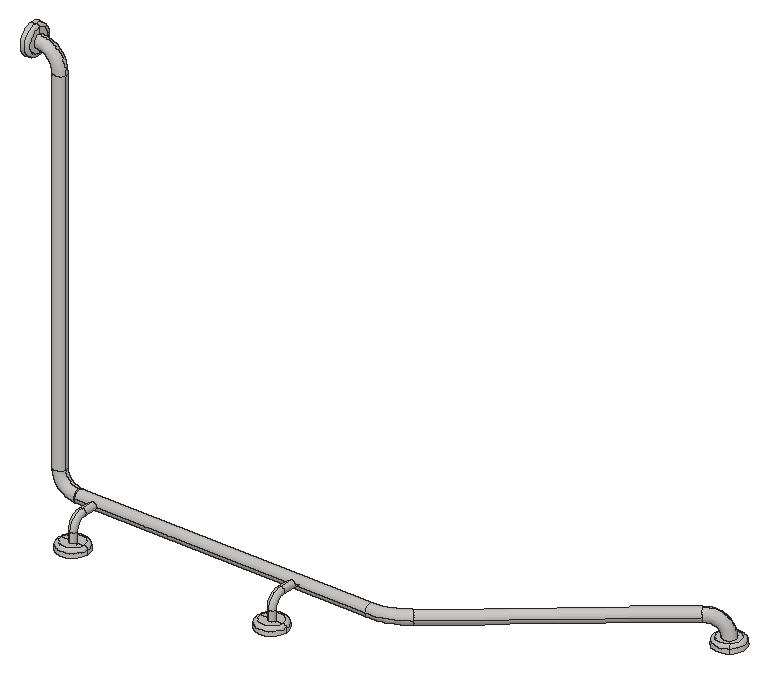
Revit family "8471975440 Virtu Comfort Grab Rail Continuous 1110x940x700mm LH", category Plumbing Fixtures, host Face, Revit 2015
Parameters (values of type "Virtu Comfort Grab Rail Continuous 1110x940x700mm LH")
  Waste Connection = no
  Vent Connection = no
  URL = "https://www.caroma.com.au/"
  Rail_Height = 73 mm
  Model = "8471975440"
  Material_Base = GWA_Metal-Stainless
  Manufacturer = "GWA Bathrooms & Kitchens"  # constant formula
  HW Connection = no
  Description = "Virtu Comfort Grab Rail Continuous 1110x940x700mm LH"
  Default Elevation = 0 mm
  CreatedBy_ANZRS = "GWA Bathrooms & Kitchens"  # constant formula
  CW Connection = no
  Assembly Code = "C1030200"
Reference planes
  plane 1 "Center (Front/Back)": y = 0
  plane 2: z = 0
  plane 3 "Center (Left/Right)": x = 0
  plane 4 "Left": x = 0
  plane 5 "Rail_Centre": z = 73
  plane 6: through (644.056, 321.45, 1219.2) normal (-0.766, -0.6428, 0)
  plane 7: x = -245
  plane 8: x = -940
  plane 9: x = -769
  plane 10: z = 1110
Forms (mm)
  Revolve 1, solid, material "GWA_Metal-Stainless" <- "Material_Base"
    sketch origin (536.231, 449.951, 0) x (-0.642788, 0.766044, 0) y (0, 0, -1)
      loop
        line (17, -16.9) -> (17, -18) -> (29.753, -18)
        arc (29.753, -18) -> (35.44, -15.817) -> (38.206, -10.39) r 8.5
        line (38.206, -10.39) -> (39.3, 0) -> (38.194, 0) -> (37.112, -10.275)
        arc (37.112, -10.275) -> (34.704, -15) -> (29.753, -16.9) r 7.4
        line (29.753, -16.9) -> (17, -16.9)
      axis (0, -18) -> (0, 0)
    angle from 0 to 360
  Sweep 2, solid, material "GWA_Metal-Stainless" <- "Material_Base"
    path origin (-612.836, -514.23, 0) x (-0.766044, -0.642788, 0) y (0, 0, -1)
      loop
        line (-1500, 0) -> (-1500, -17)
        arc (-1500, -17) -> (-1483.598, -56.598) -> (-1444, -73) r 56
    profile origin (536.231, 449.951, 8.5) x (-0.766044, -0.642788, 0) y (0.642788, -0.766044, 0)
      loop
        circle (0, 0) r 16
  Revolve 3, solid, material "GWA_Metal-Stainless" <- "Material_Base"
    sketch origin (-300, -80, 0) x (-1, 0, 0) y (0, 0, -1)
      loop
        line (-55, -16.9) -> (-84.753, -16.9)
        arc (-84.753, -16.9) -> (-89.704, -15) -> (-92.112, -10.275) r 7.4
        line (-92.112, -10.275) -> (-93.194, 0) -> (-94.3, 0) -> (-93.206, -10.39)
        arc (-93.206, -10.39) -> (-90.44, -15.817) -> (-84.753, -18) r 8.5
        line (-84.753, -18) -> (-55, -18) -> (-55, -16.9)
      axis (-55, -18) -> (-55, 0)
    angle from 0 to 360
  Sweep 4, solid, material "GWA_Metal-Stainless" <- "Material_Base"
    path origin (-245, 0, 0) x (0, 1, 0) y (0, 0, 1)
      loop
        line (-80, 0) -> (-80, 43)
        arc (-80, 43) -> (-71.213, 64.213) -> (-50, 73) r 30
        line (-50, 73) -> (0, 73)
    profile origin (-245, -80, 21.5) x (0, 1, 0) y (-1, 0, 0)
      loop
        circle (0, 0) r 9
  Revolve 5, solid, material "GWA_Metal-Stainless" <- "Material_Base"
    sketch origin (-940, 0, 1050) x (0, 0, -1) y (1, 0, 0)
      loop
        line (-43, 16.9) -> (-30.247, 16.9)
        arc (-30.247, 16.9) -> (-25.296, 15) -> (-22.888, 10.275) r 7.4
        line (-22.888, 10.275) -> (-21.806, 0) -> (-20.7, 0) -> (-21.794, 10.39)
        arc (-21.794, 10.39) -> (-24.56, 15.817) -> (-30.247, 18) r 8.5
        line (-30.247, 18) -> (-43, 18) -> (-43, 16.9)
      axis (-60, 18) -> (-60, 0)
    angle from 0 to 360
  Sweep 6, solid, material "GWA_Metal-Stainless" <- "Material_Base"
    path origin (-940, 0, 170) x (0, 0, -1) y (1, 0, 0)
      loop
        line (-940, 0) -> (-940, 17)
        arc (-940, 17) -> (-923.598, 56.598) -> (-884, 73) r 56
    profile origin (-931.5, 0, 1110) x (0, 0, 1) y (0, -1, 0)
      loop
        circle (0, 0) r 16
  Sweep 7, solid, material "GWA_Metal-Stainless" <- "Material_Base"
    path origin (0, 0, 73) x (1, 0, 0) y (0, 1, 0)
      loop
        line (-817, 0) -> (-49.864, 0)
        arc (-49.864, 0) -> (-3.007, 8.262) -> (38.198, 32.052) r 137
        line (38.198, 32.052) -> (493.333, 413.955)
    profile origin (265.765, 223.004, 73) x (-0.642788, 0.766044, 0) y (0, 0, 1)
      loop
        circle (0, 0) r 16
  Sweep 8, solid, material "GWA_Metal-Stainless" <- "Material_Base"
    path origin (73, 0, 0) x (-1, 0, 0) y (0, 0, -1)
      loop
        arc (890, -73) -> (925.355, -87.645) -> (940, -123) r 50
    profile origin (-852.355, 0, 87.645) x (-0.707107, 0, -0.707107) y (0, -1, 0)
      loop
        circle (0, 0) r 16
  Extrusion 9, solid, material "GWA_Metal-Stainless" <- "Material_Base"
    sketch origin (73, 0, 0) x (-1, 0, 0) y (0, -1, 0)
      loop
        circle (940, 0) r 16
    from 123 to 1054
  Revolve 10, solid, material "GWA_Metal-Stainless" <- "Material_Base"
    sketch origin (-755, -80, 0) x (-1, 0, 0) y (0, 0, -1)
      loop
        line (14, -16.9) -> (-15.753, -16.9)
        arc (-15.753, -16.9) -> (-20.704, -15) -> (-23.112, -10.275) r 7.4
        line (-23.112, -10.275) -> (-24.194, 0) -> (-25.3, 0) -> (-24.206, -10.39)
        arc (-24.206, -10.39) -> (-21.44, -15.817) -> (-15.753, -18) r 8.5
        line (-15.753, -18) -> (14, -18) -> (14, -16.9)
      axis (14, -18) -> (14, 0)
    angle from 0 to 360
  Sweep 11, solid, material "GWA_Metal-Stainless" <- "Material_Base"
    path origin (-769, 0, 0) x (0, 1, 0) y (0, 0, 1)
      loop
        line (-80, 0) -> (-80, 43)
        arc (-80, 43) -> (-71.213, 64.213) -> (-50, 73) r 30
        line (-50, 73) -> (0, 73)
    profile origin (-769, -80, 21.5) x (0, 1, 0) y (-1, 0, 0)
      loop
        circle (0, 0) r 9
Lines and regions (mm)
  Masking region 1
    outline origin (0, 0, 0) x (0, 1, 0) y (0, 0, 1)
      loop
        line (16, 89) -> (16, 1074.104)
        arc (16, 1074.104) -> (0, 1149.3) -> (-16, 1074.104) r 39.3
        line (-16, 1074.104) -> (-16, 82) -> (-50, 82)
        arc (-50, 82) -> (-77.577, 70.577) -> (-89, 43) r 39
        line (-89, 43) -> (-89, 18) -> (-109.755, 18)
        arc (-109.755, 18) -> (-115.442, 15.817) -> (-118.208, 10.388) r 8.5
        line (-118.208, 10.388) -> (-119.3, 0) -> (-40.7, 0) -> (-41.792, 10.388)
        arc (-41.792, 10.388) -> (-44.558, 15.817) -> (-50.245, 18) r 8.5
        line (-50.245, 18) -> (-71, 18) -> (-71, 43)
        arc (-71, 43) -> (-64.849, 57.849) -> (-50, 64) r 21
        line (-50, 64) -> (-13.229, 64)
        arc (-13.229, 64) -> (-7.483, 58.858) -> (0, 57) r 16
        line (0, 57) -> (413.955, 57)
        arc (413.955, 57) -> (416.689, 56.461) -> (419.18, 55.212) r 10.348
        arc (419.18, 55.212) -> (422.237, 52.684) -> (424.785, 49.643) r 21.791
        arc (424.785, 49.643) -> (427.708, 44.83) -> (430.029, 39.7) r 46.537
        arc (430.029, 39.7) -> (431.356, 35.765) -> (432.376, 31.74) r 53.629
        arc (432.376, 31.74) -> (433.169, 27.367) -> (433.701, 22.956) r 74.565
        arc (433.701, 22.956) -> (433.872, 20.48) -> (433.94, 18) r 59.171
        line (433.94, 18) -> (420.197, 18)
        arc (420.197, 18) -> (414.509, 15.817) -> (411.743, 10.388) r 8.5
        line (411.743, 10.388) -> (410.651, 0) -> (489.251, 0) -> (488.159, 10.388)
        arc (488.159, 10.388) -> (485.394, 15.817) -> (479.706, 18) r 8.5
        line (479.706, 18) -> (465.943, 18)
        arc (465.943, 18) -> (465.446, 27.079) -> (464.152, 36.079) r 103.181
        arc (464.152, 36.079) -> (462.719, 42.395) -> (460.834, 48.592) r 89.675
        arc (460.834, 48.592) -> (457.524, 56.744) -> (453.35, 64.489) r 81.007
        arc (453.35, 64.489) -> (446.806, 73.222) -> (438.741, 80.574) r 57.957
        arc (438.741, 80.574) -> (427.022, 86.77) -> (413.955, 89) r 41.961
        line (413.955, 89) -> (16, 89)
  Masking region 2
    outline origin (0, 0, 73) x (1, 0, 0) y (0, 1, 0)
      loop
        line (498.449, 439.135) -> (27.913, 44.309)
        arc (27.913, 44.309) -> (-8.479, 23.297) -> (-49.864, 16) r 121
        line (-49.864, 16) -> (-922, 16) -> (-922, 29.755)
        arc (-922, 29.755) -> (-924.183, 35.442) -> (-929.612, 38.208) r 8.5
        line (-929.612, 38.208) -> (-940, 39.3) -> (-940, -39.3) -> (-929.612, -38.208)
        arc (-929.612, -38.208) -> (-924.183, -35.442) -> (-922, -29.755) r 8.5
        line (-922, -29.755) -> (-922, -16) -> (-778, -16) -> (-778, -41.744)
        arc (-778, -41.744) -> (-769, -119.3) -> (-760, -41.744) r 39.3
        line (-760, -41.744) -> (-760, -16) -> (-254, -16) -> (-254, -41.744)
        arc (-254, -41.744) -> (-245, -119.3) -> (-236, -41.744) r 39.3
        line (-236, -41.744) -> (-236, -16) -> (-49.864, -16)
        arc (-49.864, -16) -> (2.465, -6.773) -> (48.483, 19.795) r 153
        line (48.483, 19.795) -> (519.018, 414.621)
        arc (519.018, 414.621) -> (566.337, 475.213) -> (498.449, 439.135) r 39.3
  Masking region 3
    outline origin (0, 0, 0) x (-1, 0, 0) y (0, 0, 1)
      loop
        line (-493.333, 57) -> (236, 57) -> (236, 18) -> (215.245, 18)
        arc (215.245, 18) -> (209.558, 15.817) -> (206.792, 10.388) r 8.5
        line (206.792, 10.388) -> (205.7, 0) -> (284.3, 0) -> (283.208, 10.388)
        arc (283.208, 10.388) -> (280.442, 15.817) -> (274.755, 18) r 8.5
        line (274.755, 18) -> (254, 18) -> (254, 57) -> (760, 57) -> (760, 18) -> (739.245, 18)
        arc (739.245, 18) -> (733.558, 15.817) -> (730.792, 10.388) r 8.5
        line (730.792, 10.388) -> (729.7, 0) -> (808.3, 0) -> (807.208, 10.388)
        arc (807.208, 10.388) -> (804.442, 15.817) -> (798.755, 18) r 8.5
        line (798.755, 18) -> (778, 18) -> (778, 57) -> (817, 57)
        arc (817, 57) -> (863.669, 76.331) -> (883, 123) r 66
        line (883, 123) -> (883, 1054)
        arc (883, 1054) -> (894.364, 1081.928) -> (922, 1093.987) r 40
        line (922, 1093.987) -> (922, 1080.245)
        arc (922, 1080.245) -> (924.183, 1074.558) -> (929.612, 1071.792) r 8.5
        line (929.612, 1071.792) -> (940, 1070.7) -> (940, 1149.3) -> (929.612, 1148.208)
        arc (929.612, 1148.208) -> (924.183, 1145.442) -> (922, 1139.755) r 8.5
        line (922, 1139.755) -> (922, 1125.993)
        arc (922, 1125.993) -> (871.736, 1104.557) -> (851, 1054) r 72
        line (851, 1054) -> (851, 123)
        arc (851, 123) -> (841.042, 98.958) -> (817, 89) r 34
        line (817, 89) -> (-493.542, 89)
        arc (-493.542, 89) -> (-501.401, 88.33) -> (-509.054, 86.422) r 49.532
        arc (-509.054, 86.422) -> (-517.271, 82.87) -> (-524.78, 77.995) r 53.411
        arc (-524.78, 77.995) -> (-533.327, 70.023) -> (-540.291, 60.638) r 64.381
        arc (-540.291, 60.638) -> (-544.671, 52.414) -> (-548.066, 43.737) r 80.139
        arc (-548.066, 43.737) -> (-550.202, 35.897) -> (-551.562, 27.885) r 83.133
        arc (-551.562, 27.885) -> (-552.025, 22.951) -> (-552.231, 18) r 95.84
        line (-552.231, 18) -> (-565.986, 18)
        arc (-565.986, 18) -> (-571.673, 15.817) -> (-574.439, 10.388) r 8.5
        line (-574.439, 10.388) -> (-575.531, 0) -> (-496.931, 0) -> (-498.023, 10.388)
        arc (-498.023, 10.388) -> (-500.789, 15.817) -> (-506.476, 18) r 8.5
        line (-506.476, 18) -> (-520.231, 18)
        arc (-520.231, 18) -> (-519.922, 22.931) -> (-519.189, 27.817) r 57.078
        arc (-519.189, 27.817) -> (-517.771, 33.399) -> (-515.736, 38.787) r 51.21
        arc (-515.736, 38.787) -> (-513.189, 43.626) -> (-510.017, 48.082) r 40.818
        arc (-510.017, 48.082) -> (-506.43, 51.714) -> (-502.23, 54.616) r 27.332
        arc (-502.23, 54.616) -> (-497.931, 56.365) -> (-493.333, 57) r 18.669
  symbolic lines
    curve 1: line (0, -71, 18) -> (0, -89, 18)
    curve 2: line (0, 35.896, 89) -> (0, 0, 89)
    curve 3: arc (0, 0, 89) -> (0, -16, 73) -> (0, 0, 57) r 16
    curve 4: line (0, 0, 57) -> (0, 35.896, 57)
    curve 5: line (0, -38.256, 82) -> (0, -13.229, 82)
    curve 6: line (0, -38.256, 64) -> (0, -13.229, 64)
    curve 7: line (254, 0, 57) -> (236, 0, 57)
    curve 8: line (0, 465.943, 18) -> (0, 433.94, 18)
    curve 9: arc (0, 16, 1104.255) -> (0, 0, 1127) -> (0, -16, 1104.255) r 17
    curve 10: arc (0, 16, 1110) -> (0, 0, 1126) -> (0, -16, 1110) r 16
    curve 11: line (0, -16, 1110) -> (0, -16, 1074.104)
    curve 12: line (0, 16, 1110) -> (0, 16, 1074.104)
    curve 13: arc (549.254, 460.879, 40) -> (534.786, 466.89, 40) -> (521.546, 458.516, 40) r 17
    curve 14: arc (542.115, 434.002, 40) -> (552.661, 445.587, 40) -> (549.254, 460.879, 40) r 17
    curve 15: arc (546.516, 437.695, 40) -> (548.488, 460.236, 40) -> (525.947, 462.208, 40) r 16
    curve 16: arc (521.546, 458.516, 40) -> (549.254, 460.879, 40) -> (542.115, 434.002, 40) r 17
    curve 17: line (525.947, 462.208, 40) -> (498.449, 439.135, 40)
    curve 18: line (546.516, 437.695, 40) -> (519.018, 414.621, 40)
    curve 19: line (546.516, 437.695, 73) -> (519.018, 414.621, 73)
    curve 20: line (525.947, 462.208, 73) -> (498.449, 439.135, 73)
    curve 21: line (-236, -41.744, 73) -> (-236, -80, 73)
    curve 22: arc (-236, -80, 73) -> (-245, -89, 73) -> (-254, -80, 73) r 9
    curve 23: line (-254, -80, 73) -> (-254, -41.744, 73)
    curve 24: line (-236, -16, 73) -> (-254, -16, 73)
    curve 25: line (-831.104, 16, 73) -> (-867, 16, 73)
    curve 26: line (-831.104, -16, 73) -> (-867, -16, 73)
    curve 27: line (-760, -41.744, 73) -> (-760, -80, 73)
    curve 28: arc (-760, -80, 73) -> (-769, -89, 73) -> (-778, -80, 73) r 9
    curve 29: line (-778, -80, 73) -> (-778, -41.744, 73)
    curve 30: line (-760, -16, 73) -> (-778, -16, 73)
    curve 31: arc (-867, -16, 0) -> (-851, 0, 0) -> (-867, 16, 0) r 16
    curve 32: line (-922, 16, 0) -> (-922, -16, 0)
    curve 33: line (-228.987, 0, 18) -> (-260.993, 0, 18)
    curve 34: line (520.231, 0, 18) -> (552.231, 0, 18)
    curve 35: line (-922, 0, 1125.993) -> (-922, 0, 1093.987)
    curve 36: line (-778, 0, 18) -> (-760, 0, 18)
    curve 37: line (-778, 0, 57) -> (-760, 0, 57)
Dimensions and locks
  "Rail_Height": plane 5 "Rail_Centre" to host face
  aligned and locked: plane 2 to host face
  aligned and locked: level to host face
Automatic sketch dimensions
  plane 1 "Center (Front/Back)" to curve 31 = 0 mm
  curve 31 to plane 8 = 73 mm
  curve 32 to plane 8 = 18 mm
  plane 1 "Center (Front/Back)" to curve 32 = 16 mm
  plane 1 "Center (Front/Back)" to curve 31 = 16 mm
  curve 32 to plane 1 "Center (Front/Back)" = 16 mm
  host sketch curve to host sketch curve = 2438.4 mm  (x2)
  curve 13 to curve 14 = 0 mm  (x2)
  curve 13 to curve 15 = 0 mm  (x2)
  curve 13 to curve 16 = 0 mm  (x2)
  curve 14 to curve 15 = 0 mm  (x2)
  curve 14 to curve 16 = 0 mm  (x2)
  curve 15 to curve 16 = 0 mm  (x2)
  curve 15 to plane 6 = 0 mm  (x2)
  curve 17 to plane 6 = 0 mm
  curve 18 to plane 1 "Center (Front/Back)" = 437.695 mm
  curve 15 to curve 15 = 10.285 mm
  curve 14 to curve 14 = 13.023 mm
  curve 18 to curve 14 = 4.401 mm
  curve 16 to curve 14 = 0 mm
  curve 17 to curve 13 = 4.401 mm
  curve 18 to plane 1 "Center (Front/Back)" = 414.621 mm
  curve 14 to curve 18 = 23.097 mm
  curve 17 to plane 1 "Center (Front/Back)" = 439.135 mm
  curve 19 to plane 6 = 0 mm
  curve 20 to plane 6 = 0 mm
  curve 22 to plane 7 = 0 mm
  curve 28 to plane 9 = 0 mm
  curve 21 to curve 22 = 9 mm
  curve 27 to curve 28 = 9 mm
  plane 1 "Center (Front/Back)" to curve 23 = 80 mm
  plane 1 "Center (Front/Back)" to curve 28 = 80 mm
  curve 24 to plane 7 = 9 mm
  plane 3 "Center (Left/Right)" to curve 20 = 498.449 mm
  curve 19 to curve 20 = 20.569 mm
  curve 20 to plane 1 "Center (Front/Back)" = 462.208 mm
  curve 19 to plane 1 "Center (Front/Back)" = 437.695 mm
  plane 7 to curve 24 = 9 mm
  curve 30 to plane 9 = 9 mm
  plane 9 to curve 30 = 9 mm
  plane 1 "Center (Front/Back)" to curve 26 = 16 mm
  curve 30 to curve 26 = 53.104 mm
  curve 25 to curve 26 = 0 mm
  curve 25 to plane 1 "Center (Front/Back)" = 16 mm
  curve 25 to curve 25 = 35.896 mm
  curve 26 to curve 25 = 0 mm
  curve 27 to curve 28 = 38.256 mm
  curve 21 to curve 22 = 38.256 mm
  curve 29 to curve 27 = 0 mm
  curve 23 to curve 21 = 0 mm
  plane 1 "Center (Front/Back)" to curve 24 = 16 mm
  plane 1 "Center (Front/Back)" to curve 30 = 16 mm
  curve 19 to curve 19 = 23.073 mm
  curve 20 to curve 19 = 24.513 mm
  Revolve 1 sketch curve to Revolve 1 sketch curve = 0 mm  (x2)
  Revolve 1 sketch curve to level = 0 mm
  level to Revolve 1 sketch curve = 18 mm
  Revolve 1 sketch curve to Revolve 1 sketch curve = 12.753 mm
  level to Revolve 1 sketch curve = 10.275 mm
  Revolve 1 sketch curve to Revolve 1 sketch curve = 7.359 mm
  Revolve 1 sketch curve to Revolve 1 sketch curve = 1.082 mm
  level to Revolve 1 sketch curve = 10.39 mm
  Revolve 1 sketch curve to Revolve 1 sketch curve = 1.094 mm
  Revolve 1 sketch curve to Revolve 1 sketch curve = 1.106 mm
  level to Revolve 1 sketch curve = 7.862 mm
  Revolve 1 sketch curve to Revolve 1 sketch curve = 17 mm
  Revolve 1 sketch curve to Revolve 1 sketch curve = 12.173 mm
  Sweep 2 sketch curve to plane 6 = 0 mm
  Sweep 2 sketch curve to plane 5 "Rail_Centre" = 0 mm
  Sweep 2 sketch curve to level = 0 mm
  level to Sweep 2 sketch curve = 17 mm
  Sweep 2 sketch curve to profile plane = 0 mm
  profile plane to Sweep 2 sketch curve = 0 mm
  Revolve 3 sketch curve to Revolve 3 sketch curve = 0 mm  (x2)
  Revolve 3 sketch curve to level = 0 mm
  plane 7 to Revolve 3 sketch curve = 0 mm  (x2)
  level to Revolve 3 sketch curve = 9.5 mm
  Revolve 3 sketch curve to plane 7 = 29.753 mm
  level to Revolve 3 sketch curve = 10.275 mm
  Revolve 3 sketch curve to Revolve 3 sketch curve = 7.359 mm
  Revolve 3 sketch curve to Revolve 3 sketch curve = 1.082 mm
  level to Revolve 3 sketch curve = 10.39 mm
  Revolve 3 sketch curve to Revolve 3 sketch curve = 1.094 mm
  Revolve 3 sketch curve to Revolve 3 sketch curve = 1.106 mm
  Revolve 3 sketch curve to Revolve 3 sketch curve = 2.036 mm
  level to Revolve 3 sketch curve = 7.862 mm
  Sweep 4 sketch curve to level = 0 mm
  Sweep 4 sketch curve to plane 5 "Rail_Centre" = 0 mm
  Sweep 4 sketch curve to plane 1 "Center (Front/Back)" = 0 mm
  Sweep 4 sketch curve to plane 1 "Center (Front/Back)" = 50 mm
  Sweep 4 sketch curve to Sweep 4 sketch curve = 30 mm
  Sweep 4 sketch curve to plane 7 = 0 mm
  profile plane to Sweep 4 sketch curve = 0 mm
  Masking region 2 sketch curve to Masking region 2 sketch curve = 0 mm  (x2)
  Masking region 2 sketch curve to plane 8 = 0 mm
  Masking region 2 sketch curve to plane 9 = 0 mm
  Masking region 2 sketch curve to plane 7 = 0 mm
  Masking region 2 sketch curve to plane 6 = 0 mm
  Masking region 2 sketch curve to plane 8 = 9.5 mm  (x2)
  Masking region 2 sketch curve to Masking region 2 sketch curve = 0.888 mm  (x2)
  Masking region 2 sketch curve to Masking region 2 sketch curve = 8.5 mm  (x2)
  plane 9 to Masking region 2 sketch curve = 9 mm
  Masking region 2 sketch curve to plane 9 = 9 mm
  plane 7 to Masking region 2 sketch curve = 9 mm
  Masking region 2 sketch curve to plane 7 = 9 mm
  Masking region 2 sketch curve to plane 3 "Center (Left/Right)" = 49.864 mm
  plane 3 "Center (Left/Right)" to Masking region 2 sketch curve = 27.913 mm
  Masking region 2 sketch curve to plane 1 "Center (Front/Back)" = 19.795 mm
  Masking region 2 sketch curve to Masking region 2 sketch curve = 20.569 mm  (x2)
  plane 3 "Center (Left/Right)" to Masking region 2 sketch curve = 498.449 mm
  Masking region 2 sketch curve to Masking region 2 sketch curve = 17.213 mm
  Masking region 2 sketch curve to plane 1 "Center (Front/Back)" = 16 mm
  plane 1 "Center (Front/Back)" to Masking region 2 sketch curve = 16 mm  (x3)
  Masking region 2 sketch curve to Masking region 2 sketch curve = 13.755 mm  (x2)
  Masking region 2 sketch curve to Masking region 2 sketch curve = 1.092 mm  (x2)
  Masking region 2 sketch curve to Masking region 2 sketch curve = 25.744 mm  (x2)
  Masking region 2 sketch curve to Masking region 2 sketch curve = 38.256 mm  (x2)
  Masking region 2 sketch curve to Masking region 2 sketch curve = 35.33 mm
  plane 1 "Center (Front/Back)" to Sweep 7 sketch curve = 0 mm
  Sweep 7 sketch curve to plane 3 "Center (Left/Right)" = 49.864 mm
  Sweep 7 sketch curve to plane 1 "Center (Front/Back)" = 32.052 mm
  plane 3 "Center (Left/Right)" to Sweep 7 sketch curve = 38.198 mm
  plane 9 to Sweep 7 sketch curve = 48 mm
  plane 3 "Center (Left/Right)" to Sweep 7 sketch curve = 493.333 mm
  Sweep 7 sketch curve to plane 1 "Center (Front/Back)" = 413.955 mm
  Sweep 7 sketch curve to profile plane = 0 mm
  profile plane to Sweep 7 sketch curve = 0 mm
  Sweep 8 sketch curve to plane 5 "Rail_Centre" = 0 mm
  plane 9 to Sweep 8 sketch curve = 48 mm
  plane 5 "Rail_Centre" to Sweep 8 sketch curve = 50 mm
  Sweep 8 sketch curve to profile plane = 0 mm
  profile plane to Sweep 8 sketch curve = 0 mm
  plane 1 "Center (Front/Back)" to Extrusion 9 sketch curve = 0 mm
  Extrusion 9 sketch curve to plane 8 = 73 mm
  Revolve 10 sketch curve to Revolve 10 sketch curve = 0 mm  (x2)
  Revolve 10 sketch curve to level = 0 mm
  plane 9 to Revolve 10 sketch curve = 0 mm  (x2)
  level to Revolve 10 sketch curve = 9.5 mm
  Revolve 10 sketch curve to plane 9 = 29.753 mm
  level to Revolve 10 sketch curve = 10.275 mm
  Revolve 10 sketch curve to Revolve 10 sketch curve = 7.359 mm
  Revolve 10 sketch curve to Revolve 10 sketch curve = 1.082 mm
  level to Revolve 10 sketch curve = 10.39 mm
  Revolve 10 sketch curve to Revolve 10 sketch curve = 1.094 mm
  Revolve 10 sketch curve to Revolve 10 sketch curve = 1.106 mm
  Revolve 10 sketch curve to Revolve 10 sketch curve = 2.036 mm
  level to Revolve 10 sketch curve = 7.862 mm
  Sweep 11 sketch curve to level = 0 mm
  Sweep 11 sketch curve to plane 5 "Rail_Centre" = 0 mm
  Sweep 11 sketch curve to plane 1 "Center (Front/Back)" = 0 mm
  Sweep 11 sketch curve to Sweep 11 sketch curve = 50 mm
  Sweep 11 sketch curve to Sweep 11 sketch curve = 30 mm
  Sweep 11 sketch curve to plane 9 = 0 mm
  profile plane to Sweep 11 sketch curve = 0 mm
  curve 9 to curve 10 = 0 mm  (x2)
  curve 11 to plane 10 = 0 mm
  curve 3 to plane 1 "Center (Front/Back)" = 0 mm
  curve 10 to plane 1 "Center (Front/Back)" = 0 mm
  curve 3 to plane 5 "Rail_Centre" = 0 mm
  curve 11 to curve 9 = 16 mm
  curve 4 to plane 5 "Rail_Centre" = 16 mm
  curve 6 to plane 5 "Rail_Centre" = 9 mm
  plane 5 "Rail_Centre" to curve 5 = 9 mm
  curve 5 to curve 5 = 25.027 mm
  curve 6 to curve 5 = 0 mm
  level to curve 1 = 18 mm
  curve 1 to curve 6 = 32.744 mm
  curve 1 to curve 1 = 18 mm
  curve 3 to curve 2 = 35.896 mm
  curve 4 to curve 2 = 0 mm
  level to curve 8 = 18 mm
  curve 4 to curve 8 = 398.044 mm
  curve 8 to curve 8 = 32.004 mm
  curve 11 to plane 10 = 35.896 mm
  curve 11 to curve 12 = 0 mm
  curve 9 to plane 10 = 5.745 mm
  curve 35 to plane 8 = 18 mm
  level to curve 34 = 18 mm
  plane 9 to curve 36 = 9 mm
  plane 9 to curve 37 = 9 mm
  curve 36 to plane 9 = 9 mm
  curve 37 to plane 9 = 9 mm
  plane 7 to curve 33 = 15.993 mm
  curve 33 to plane 7 = 16.013 mm
  curve 7 to plane 5 "Rail_Centre" = 16 mm
  plane 3 "Center (Left/Right)" to curve 7 = 236 mm
  curve 7 to curve 7 = 18 mm
  curve 7 to curve 34 = 266.231 mm
  curve 34 to curve 34 = 32 mm
  level to curve 36 = 18 mm
  level to curve 33 = 18 mm
  curve 37 to plane 5 "Rail_Centre" = 16 mm
  curve 35 to plane 10 = 16.013 mm
  plane 10 to curve 35 = 15.993 mm
  Masking region 1 sketch curve to Masking region 1 sketch curve = 0 mm  (x9)
  Masking region 1 sketch curve to level = 0 mm  (x2)
  Masking region 1 sketch curve to plane 1 "Center (Front/Back)" = 0 mm  (x2)
  Masking region 1 sketch curve to plane 5 "Rail_Centre" = 0 mm
  Masking region 1 sketch curve to plane 10 = 0 mm
  plane 1 "Center (Front/Back)" to Masking region 1 sketch curve = 13.229 mm
  plane 1 "Center (Front/Back)" to Masking region 1 sketch curve = 16 mm
  plane 1 "Center (Front/Back)" to Masking region 1 sketch curve = 40.7 mm
  level to Masking region 1 sketch curve = 10.388 mm  (x4)
  Masking region 1 sketch curve to Masking region 1 sketch curve = 1.092 mm  (x4)
  Masking region 1 sketch curve to Masking region 1 sketch curve = 8.208 mm
  Masking region 1 sketch curve to Masking region 1 sketch curve = 8.453 mm  (x4)
  Masking region 1 sketch curve to Masking region 1 sketch curve = 20.755 mm  (x2)
  Masking region 1 sketch curve to Masking region 1 sketch curve = 18 mm
  Masking region 1 sketch curve to plane 1 "Center (Front/Back)" = 16 mm
  level to Masking region 1 sketch curve = 16.247 mm
  Masking region 1 sketch curve to Masking region 1 sketch curve = 343.438 mm
  Masking region 1 sketch curve to Masking region 1 sketch curve = 3.33 mm
  Masking region 1 sketch curve to Masking region 1 sketch curve = 12.002 mm
  Masking region 1 sketch curve to Masking region 1 sketch curve = 1.268 mm
  Masking region 1 sketch curve to Masking region 1 sketch curve = 3.878 mm
  Masking region 1 sketch curve to Masking region 1 sketch curve = 4.318 mm
  Masking region 1 sketch curve to Masking region 1 sketch curve = 2.309 mm
  Masking region 1 sketch curve to Masking region 1 sketch curve = 17.357 mm
  Masking region 1 sketch curve to Masking region 1 sketch curve = 2.977 mm
  Masking region 1 sketch curve to Masking region 1 sketch curve = 24.107 mm
  Masking region 1 sketch curve to Masking region 1 sketch curve = 6.46 mm
  Masking region 1 sketch curve to Masking region 1 sketch curve = 0.178 mm
  plane 5 "Rail_Centre" to Masking region 1 sketch curve = 16 mm
  Masking region 1 sketch curve to Masking region 1 sketch curve = 0.438 mm  (x2)
  Masking region 1 sketch curve to Masking region 1 sketch curve = 13.743 mm
  Masking region 1 sketch curve to Masking region 1 sketch curve = 32.004 mm
  Masking region 1 sketch curve to Masking region 1 sketch curve = 13.763 mm
  Masking region 1 sketch curve to Masking region 1 sketch curve = 0.888 mm  (x5)
  Masking region 1 sketch curve to Masking region 1 sketch curve = 0.658 mm
  Masking region 1 sketch curve to Masking region 1 sketch curve = 0.727 mm
  Masking region 1 sketch curve to Masking region 1 sketch curve = 1.783 mm
  Masking region 1 sketch curve to Masking region 1 sketch curve = 1.182 mm
  Masking region 1 sketch curve to Masking region 1 sketch curve = 1.638 mm
  Masking region 1 sketch curve to Masking region 1 sketch curve = 11.135 mm
  Masking region 1 sketch curve to Masking region 1 sketch curve = 2.966 mm
  Masking region 1 sketch curve to Masking region 1 sketch curve = 25 mm
  Masking region 1 sketch curve to Masking region 1 sketch curve = 10.329 mm
  Masking region 1 sketch curve to Masking region 1 sketch curve = 0.371 mm
  Masking region 1 sketch curve to plane 10 = 35.896 mm
  Revolve 5 sketch curve to Revolve 5 sketch curve = 0 mm  (x2)
  Revolve 5 sketch curve to plane 10 = 0 mm
  plane 8 to Revolve 5 sketch curve = 0 mm
  Revolve 5 sketch curve to plane 10 = 17 mm
  Revolve 5 sketch curve to Revolve 5 sketch curve = 12.753 mm
  Revolve 5 sketch curve to plane 8 = 10.275 mm
  Revolve 5 sketch curve to Revolve 5 sketch curve = 7.359 mm
  Revolve 5 sketch curve to Revolve 5 sketch curve = 1.082 mm
  Revolve 5 sketch curve to plane 8 = 10.39 mm
  Revolve 5 sketch curve to Revolve 5 sketch curve = 1.094 mm
  Revolve 5 sketch curve to Revolve 5 sketch curve = 1.106 mm
  Revolve 5 sketch curve to Revolve 5 sketch curve = 0.775 mm
  Revolve 5 sketch curve to plane 8 = 7.862 mm
  Revolve 5 sketch curve to Revolve 5 sketch curve = 12.173 mm
  Sweep 6 sketch curve to plane 10 = 0 mm
  plane 8 to Sweep 6 sketch curve = 0 mm
  Sweep 6 sketch curve to plane 8 = 17 mm
  Sweep 6 sketch curve to plane 10 = 56 mm
  profile plane to Sweep 6 sketch curve = 0 mm
  Sweep 6 sketch curve to profile plane = 0 mm
  Masking region 3 sketch curve to Masking region 3 sketch curve = 0 mm  (x11)
  Masking region 3 sketch curve to level = 0 mm  (x3)
  plane 8 to Masking region 3 sketch curve = 0 mm
  Masking region 3 sketch curve to plane 8 = 9.5 mm  (x2)
  Masking region 3 sketch curve to Masking region 3 sketch curve = 0.888 mm  (x8)
  Masking region 3 sketch curve to plane 8 = 17 mm
  Masking region 3 sketch curve to Masking region 3 sketch curve = 8.5 mm  (x2)
  Masking region 3 sketch curve to plane 8 = 57 mm
  Masking region 3 sketch curve to Masking region 3 sketch curve = 32 mm  (x2)
  Masking region 3 sketch curve to Masking region 3 sketch curve = 34 mm
  plane 9 to Masking region 3 sketch curve = 39.3 mm
  level to Masking region 3 sketch curve = 10.388 mm  (x6)
  Masking region 3 sketch curve to Masking region 3 sketch curve = 1.092 mm  (x8)
  Masking region 3 sketch curve to Masking region 3 sketch curve = 8.453 mm  (x6)
  plane 9 to Masking region 3 sketch curve = 9 mm
  Masking region 3 sketch curve to plane 9 = 9 mm
  Masking region 3 sketch curve to Masking region 3 sketch curve = 20.755 mm  (x2)
  plane 7 to Masking region 3 sketch curve = 39.3 mm
  plane 7 to Masking region 3 sketch curve = 9 mm
  Masking region 3 sketch curve to plane 7 = 9 mm
  level to Masking region 3 sketch curve = 16.481 mm
  plane 3 "Center (Left/Right)" to Masking region 3 sketch curve = 456.403 mm
  Masking region 3 sketch curve to Masking region 3 sketch curve = 6.76 mm
  Masking region 3 sketch curve to Masking region 3 sketch curve = 5.76 mm
  Masking region 3 sketch curve to Masking region 3 sketch curve = 0.096 mm
  Masking region 3 sketch curve to Masking region 3 sketch curve = 2.847 mm
  Masking region 3 sketch curve to Masking region 3 sketch curve = 6.556 mm
  Masking region 3 sketch curve to Masking region 3 sketch curve = 6.898 mm
  Masking region 3 sketch curve to Masking region 3 sketch curve = 3.541 mm
  Masking region 3 sketch curve to Masking region 3 sketch curve = 3.183 mm
  Masking region 3 sketch curve to Masking region 3 sketch curve = 1.054 mm
  Masking region 3 sketch curve to Masking region 3 sketch curve = 0.181 mm
  Masking region 3 sketch curve to Masking region 3 sketch curve = 0.053 mm
  plane 5 "Rail_Centre" to Masking region 3 sketch curve = 16 mm
  Masking region 3 sketch curve to Masking region 3 sketch curve = 0.21 mm
  Masking region 3 sketch curve to Masking region 3 sketch curve = 18.508 mm
  Masking region 3 sketch curve to Masking region 3 sketch curve = 13.755 mm  (x2)
  Masking region 3 sketch curve to Masking region 3 sketch curve = 0.421 mm
  Masking region 3 sketch curve to Masking region 3 sketch curve = 1.091 mm
  Masking region 3 sketch curve to Masking region 3 sketch curve = 0.032 mm
  Masking region 3 sketch curve to Masking region 3 sketch curve = 0.927 mm
  Masking region 3 sketch curve to Masking region 3 sketch curve = 3.317 mm
  Masking region 3 sketch curve to Masking region 3 sketch curve = 4.885 mm
  Masking region 3 sketch curve to Masking region 3 sketch curve = 3.653 mm
  Masking region 3 sketch curve to Masking region 3 sketch curve = 5.015 mm
  Masking region 3 sketch curve to Masking region 3 sketch curve = 2.541 mm
  Masking region 3 sketch curve to Masking region 3 sketch curve = 1.136 mm
  Masking region 3 sketch curve to plane 5 "Rail_Centre" = 16 mm  (x2)
  Masking region 3 sketch curve to plane 10 = 56 mm
  Masking region 3 sketch curve to Masking region 3 sketch curve = 16.7 mm
  Masking region 3 sketch curve to Masking region 3 sketch curve = 13.762 mm
  radius of Sweep 2 sketch curve = 16 mm
  radius of Sweep 4 sketch curve = 9 mm
  radius of Sweep 7 sketch curve = 16 mm
  radius of Sweep 8 sketch curve = 16 mm
  radius of Extrusion 9 sketch curve = 16 mm
  radius of Sweep 11 sketch curve = 9 mm
  radius of Sweep 6 sketch curve = 16 mm
